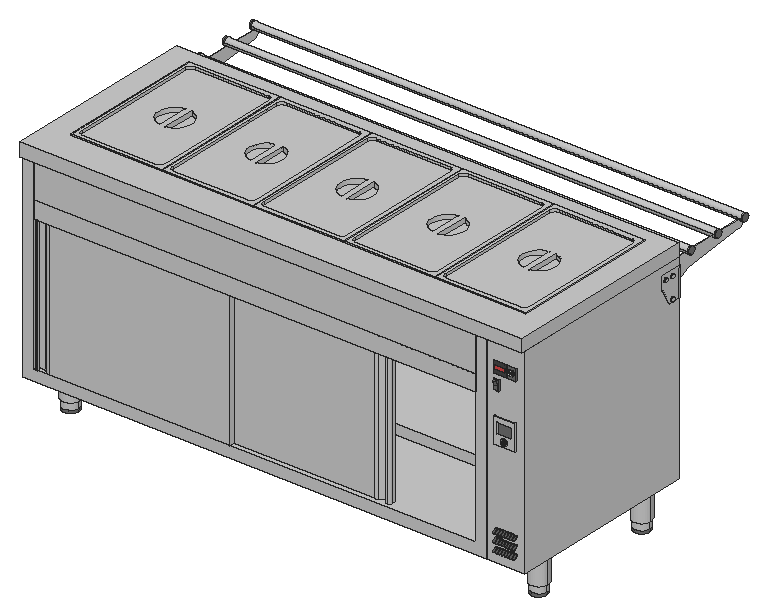
Revit family "QF_INOMAK_MHV718_250605091903", category Specialty Equipment, Revit 2021 (continued)
Definition of nested family "QF_INOMAK_CUPBOARD_RAILS_6838"
  Lines and regions (mm)
    symbolic lines
      curve 18: line (33, 63.5, 756) -> (33, 0, 756)
      curve 19: line (1050, 303.5, 756) -> (1050, 208.5, 756)
      curve 20: line (1047, 303.5, 756) -> (1047, 208.5, 756)
      curve 21: line (1050, 183.5, 756) -> (1050, 88.5, 756)
      curve 22: line (1047, 183.5, 756) -> (1047, 88.5, 756)
      curve 23: line (1050, 63.5, 756) -> (1050, 0, 756)
      curve 24: line (1047, 63.5, 756) -> (1047, 0, 756)
      curve 25: line (1060, 88.5, 756) -> (1060, 63.5, 756)
      curve 26: line (1060, 208.5, 756) -> (1060, 183.5, 756)
      curve 27: line (1060, 328.5, 756) -> (1060, 303.5, 756)
      curve 28: line (20, 328.5, 756) -> (20, 303.5, 756)
      curve 29: line (20, 208.5, 756) -> (20, 183.5, 756)
      curve 30: line (20, 88.5, 756) -> (20, 63.5, 756)
  Dimensions and locks
    "Length": plane 3 "Left" to plane 4 "Right"
    plane 1 "Back" to plane 5 "Front" = 328.5 mm
    plane 6 "Top" to plane 2 = 756 mm
    aligned and locked: level to plane 2
  Automatic sketch dimensions
    plane 3 "Left" to Sweep 1 sketch curve = 20 mm
    plane 4 "Right" to Sweep 1 sketch curve = 20 mm
    Sweep 1 sketch curve to plane 1 "Back" = 76 mm
    Sweep 1 sketch curve to profile plane = 0 mm
    level to Sweep 1 sketch curve = 693 mm
    Extrusion 2 sketch curve to plane 1 "Back" = 76 mm
    Extrusion 2 sketch curve to plane 6 "Top" = 63 mm
    Extrusion 3 sketch curve to plane 1 "Back" = 76 mm
    Extrusion 3 sketch curve to plane 6 "Top" = 63 mm
    plane 3 "Left" to Sweep 4 sketch curve = 20 mm
    plane 4 "Right" to Sweep 4 sketch curve = 20 mm
    Sweep 4 sketch curve to plane 1 "Back" = 196 mm
    Sweep 4 sketch curve to profile plane = 0 mm
    level to Sweep 4 sketch curve = 693 mm
    Extrusion 5 sketch curve to plane 6 "Top" = 63 mm
    Extrusion 5 sketch curve to plane 1 "Back" = 196 mm
    Extrusion 6 sketch curve to plane 6 "Top" = 63 mm
    Extrusion 6 sketch curve to plane 1 "Back" = 196 mm
    plane 3 "Left" to Sweep 7 sketch curve = 20 mm
    plane 4 "Right" to Sweep 7 sketch curve = 20 mm
    Sweep 7 sketch curve to plane 1 "Back" = 316 mm
    Sweep 7 sketch curve to profile plane = 0 mm
    level to Sweep 7 sketch curve = 693 mm
    Extrusion 8 sketch curve to plane 6 "Top" = 63 mm
    Extrusion 8 sketch curve to plane 1 "Back" = 316 mm
    Extrusion 9 sketch curve to plane 6 "Top" = 63 mm
    Extrusion 9 sketch curve to plane 1 "Back" = 316 mm
    Extrusion 10 sketch curve to plane 1 "Back" = 6 mm
    Extrusion 10 sketch curve to Extrusion 10 sketch curve = 59.644 mm
    Extrusion 10 sketch curve to Extrusion 10 sketch curve = 10.356 mm  (x5)
    Extrusion 10 sketch curve to Extrusion 10 sketch curve = 15.594 mm
    Extrusion 10 sketch curve to plane 1 "Back" = 116.97 mm
    Extrusion 10 sketch curve to Extrusion 10 sketch curve = 83.694 mm
    Extrusion 10 sketch curve to Extrusion 10 sketch curve = 98.144 mm
    Extrusion 10 sketch curve to Extrusion 10 sketch curve = 1.144 mm
    Extrusion 10 sketch curve to plane 6 "Top" = 98.295 mm
    Extrusion 10 sketch curve to Extrusion 10 sketch curve = 1.607 mm
    Extrusion 10 sketch curve to Extrusion 10 sketch curve = 15 mm
    Extrusion 10 sketch curve to plane 6 "Top" = 120.292 mm
    Extrusion 10 sketch curve to Extrusion 10 sketch curve = 53.708 mm
    Extrusion 10 sketch curve to Extrusion 10 sketch curve = 8.381 mm
    Extrusion 10 sketch curve to plane 6 "Top" = 70 mm
    Extrusion 10 sketch curve to Extrusion 10 sketch curve = 7 mm  (x2)
    Extrusion 11 sketch curve to Extrusion 11 sketch curve = 0 mm  (x4)
    Extrusion 11 sketch curve to plane 3 "Left" = 0 mm
    plane 1 "Back" to Extrusion 11 sketch curve = 0 mm
    plane 1 "Back" to Extrusion 11 sketch curve = 3 mm
    Extrusion 11 sketch curve to Extrusion 11 sketch curve = 3 mm  (x2)
    Extrusion 11 sketch curve to Extrusion 11 sketch curve = 24 mm
    plane 1 "Back" to Extrusion 12 sketch curve = 81.2 mm
    Extrusion 12 sketch curve to Extrusion 12 sketch curve = 1.34 mm
    Extrusion 12 sketch curve to Extrusion 12 sketch curve = 10 mm
    Extrusion 12 sketch curve to Extrusion 12 sketch curve = 8.66 mm  (x2)
    plane 1 "Back" to Extrusion 12 sketch curve = 49.087 mm
    plane 1 "Back" to Extrusion 12 sketch curve = 3 mm
    Extrusion 12 sketch curve to plane 6 "Top" = 174 mm
    Extrusion 12 sketch curve to Extrusion 12 sketch curve = 5 mm
    Extrusion 12 sketch curve to Extrusion 12 sketch curve = 53.301 mm
    Extrusion 12 sketch curve to Extrusion 12 sketch curve = 30.699 mm
    plane 1 "Back" to Extrusion 13 sketch curve = 36.2 mm
    Extrusion 13 sketch curve to plane 6 "Top" = 88 mm
    plane 1 "Back" to Extrusion 14 sketch curve = 41.396 mm
    Extrusion 14 sketch curve to Extrusion 14 sketch curve = 5.196 mm  (x3)
    Extrusion 14 sketch curve to plane 6 "Top" = 94 mm
    Extrusion 14 sketch curve to Extrusion 14 sketch curve = 3 mm  (x3)
    Extrusion 14 sketch curve to Extrusion 14 sketch curve = 6 mm  (x2)
    plane 1 "Back" to Extrusion 15 sketch curve = 66.2 mm
    Extrusion 15 sketch curve to plane 6 "Top" = 88 mm
    plane 1 "Back" to Extrusion 16 sketch curve = 71.396 mm
    Extrusion 16 sketch curve to Extrusion 16 sketch curve = 5.196 mm  (x3)
    Extrusion 16 sketch curve to plane 6 "Top" = 94 mm
    Extrusion 16 sketch curve to Extrusion 16 sketch curve = 3 mm  (x3)
    Extrusion 16 sketch curve to Extrusion 16 sketch curve = 6 mm  (x2)
    plane 1 "Back" to Extrusion 17 sketch curve = 36.2 mm
    Extrusion 17 sketch curve to plane 6 "Top" = 162 mm
    plane 1 "Back" to Extrusion 18 sketch curve = 41.396 mm
    Extrusion 18 sketch curve to Extrusion 18 sketch curve = 5.196 mm  (x3)
    Extrusion 18 sketch curve to plane 6 "Top" = 168 mm
    Extrusion 18 sketch curve to Extrusion 18 sketch curve = 3 mm  (x3)
    Extrusion 18 sketch curve to Extrusion 18 sketch curve = 6 mm  (x2)
    Extrusion 20 sketch curve to Extrusion 20 sketch curve = 0 mm  (x4)
    Extrusion 20 sketch curve to plane 4 "Right" = 0 mm
    plane 1 "Back" to Extrusion 20 sketch curve = 0 mm
    Extrusion 20 sketch curve to plane 1 "Back" = 3 mm
    Extrusion 20 sketch curve to Extrusion 20 sketch curve = 3 mm  (x2)
    Extrusion 20 sketch curve to Extrusion 20 sketch curve = 24 mm
    Extrusion 19 sketch curve to plane 6 "Top" = 83.381 mm
    Extrusion 19 sketch curve to plane 1 "Back" = 319.5 mm
    Extrusion 19 sketch curve to Extrusion 19 sketch curve = 3.5 mm
    Extrusion 19 sketch curve to plane 6 "Top" = 98.295 mm
    Extrusion 19 sketch curve to Extrusion 19 sketch curve = 13.393 mm
    Extrusion 19 sketch curve to Extrusion 19 sketch curve = 10.356 mm  (x5)
    Extrusion 19 sketch curve to Extrusion 19 sketch curve = 98.144 mm
    Extrusion 19 sketch curve to plane 1 "Back" = 116.97 mm
    Extrusion 19 sketch curve to Extrusion 19 sketch curve = 83.694 mm
    Extrusion 19 sketch curve to Extrusion 19 sketch curve = 15.594 mm
    Extrusion 19 sketch curve to plane 1 "Back" = 6 mm
    Extrusion 19 sketch curve to plane 6 "Top" = 120.292 mm
    Extrusion 19 sketch curve to Extrusion 19 sketch curve = 53.708 mm
    Extrusion 19 sketch curve to Extrusion 19 sketch curve = 8.381 mm
    Extrusion 19 sketch curve to plane 6 "Top" = 70 mm
    Extrusion 19 sketch curve to Extrusion 19 sketch curve = 7 mm  (x2)
    plane 1 "Back" to Extrusion 22 sketch curve = 36.2 mm
    Extrusion 22 sketch curve to plane 6 "Top" = 88 mm
    plane 1 "Back" to Extrusion 23 sketch curve = 31.004 mm
    Extrusion 23 sketch curve to Extrusion 23 sketch curve = 5.196 mm  (x3)
    Extrusion 23 sketch curve to plane 6 "Top" = 94 mm
    Extrusion 23 sketch curve to Extrusion 23 sketch curve = 3 mm  (x3)
    Extrusion 23 sketch curve to Extrusion 23 sketch curve = 6 mm  (x2)
    plane 1 "Back" to Extrusion 24 sketch curve = 66.2 mm
    Extrusion 24 sketch curve to plane 6 "Top" = 88 mm
    plane 1 "Back" to Extrusion 25 sketch curve = 61.004 mm
    Extrusion 25 sketch curve to Extrusion 25 sketch curve = 5.196 mm  (x3)
    Extrusion 25 sketch curve to plane 6 "Top" = 94 mm
    Extrusion 25 sketch curve to Extrusion 25 sketch curve = 3 mm  (x3)
    Extrusion 25 sketch curve to Extrusion 25 sketch curve = 6 mm  (x2)
    plane 1 "Back" to Extrusion 26 sketch curve = 36.2 mm
    Extrusion 26 sketch curve to plane 6 "Top" = 162 mm
    plane 1 "Back" to Extrusion 27 sketch curve = 31.004 mm
    Extrusion 27 sketch curve to Extrusion 27 sketch curve = 5.196 mm  (x3)
    Extrusion 27 sketch curve to plane 6 "Top" = 168 mm
    Extrusion 27 sketch curve to Extrusion 27 sketch curve = 3 mm  (x3)
    Extrusion 27 sketch curve to Extrusion 27 sketch curve = 6 mm  (x2)
    plane 1 "Back" to Extrusion 21 sketch curve = 3 mm
    Extrusion 21 sketch curve to Extrusion 21 sketch curve = 37.426 mm
    Extrusion 21 sketch curve to Extrusion 21 sketch curve = 8.66 mm  (x2)
    Extrusion 21 sketch curve to Extrusion 21 sketch curve = 30.774 mm
    Extrusion 21 sketch curve to Extrusion 21 sketch curve = 0 mm
    Extrusion 21 sketch curve to Extrusion 21 sketch curve = 1.34 mm
    Extrusion 21 sketch curve to plane 6 "Top" = 174 mm
    Extrusion 21 sketch curve to Extrusion 21 sketch curve = 5 mm
    Extrusion 21 sketch curve to Extrusion 21 sketch curve = 53.301 mm
    Extrusion 21 sketch curve to Extrusion 21 sketch curve = 30.699 mm
    plane 1 "Back" to curve 23 = 0 mm
    plane 1 "Back" to curve 17 = 0 mm
    plane 1 "Back" to curve 18 = 0 mm
    plane 1 "Back" to curve 24 = 0 mm
    plane 4 "Right" to curve 3 = 15 mm
    curve 3 to plane 1 "Back" = 63.5 mm
    curve 3 to curve 4 = 25 mm
    plane 3 "Left" to curve 6 = 15 mm
    curve 1 to curve 6 = 95 mm
    curve 6 to curve 6 = 25 mm
    plane 4 "Right" to curve 12 = 15 mm
    curve 5 to curve 12 = 95 mm
    curve 11 to curve 12 = 25 mm
    plane 4 "Right" to curve 8 = 15 mm
    plane 3 "Left" to curve 11 = 15 mm
    plane 3 "Left" to curve 3 = 15 mm
    curve 1 to curve 25 = 5 mm
    curve 9 to curve 27 = 5 mm
    curve 5 to curve 26 = 5 mm
    curve 26 to curve 21 = 10 mm
    plane 4 "Right" to curve 23 = 30 mm
    curve 26 to curve 19 = 10 mm
    curve 19 to curve 20 = 3 mm
    curve 21 to curve 22 = 3 mm
    curve 23 to curve 24 = 3 mm
    curve 16 to curve 1 = 18 mm
    curve 14 to curve 10 = 18 mm
    curve 18 to curve 2 = 18 mm
    curve 18 to curve 17 = 3 mm
    curve 14 to curve 13 = 3 mm
    curve 16 to curve 15 = 3 mm
    curve 28 to curve 10 = 5 mm
    curve 29 to curve 5 = 5 mm
    curve 30 to curve 1 = 5 mm
    radius of Sweep 1 sketch curve = 12.5 mm
    radius of Extrusion 2 sketch curve = 12.5 mm
    radius of Extrusion 3 sketch curve = 12.5 mm
    radius of Sweep 4 sketch curve = 12.5 mm
    radius of Extrusion 5 sketch curve = 12.5 mm
    radius of Extrusion 6 sketch curve = 12.5 mm
    radius of Sweep 7 sketch curve = 12.5 mm
    radius of Extrusion 8 sketch curve = 12.5 mm
    radius of Extrusion 9 sketch curve = 12.5 mm
    radius of Extrusion 13 sketch curve = 7 mm
    radius of Extrusion 15 sketch curve = 7 mm
    radius of Extrusion 17 sketch curve = 7 mm
    radius of Extrusion 22 sketch curve = 7 mm
    radius of Extrusion 24 sketch curve = 7 mm
    radius of Extrusion 26 sketch curve = 7 mm
Definition of nested family "CONN_POINT_COLDWATER_2D___Generic_Annotation"
  Parameters (values of type "CONN_POINT_COLDWATER_2D___Generic_Annotation")
    Onboard connection annotation symbol visibility [instance] = yes
  Reference planes
    plane 1: y = 0
    plane 2: x = 0
  Lines and regions (mm)
    detail lines, visible <- "Onboard connection annotation symbol visibility"
      curve 1: circle (0, 0, 0) r 0.5 normal (0, 0, 1)
      curve 2: line (-1, 0, 0) -> (1, 0, 0)
      curve 3: line (0, 1, 0) -> (0, -1, 0)
      curve 4: line (3.241, 1, 0) -> (3.717, -1, 0)
      curve 5: line (3.717, -1, 0) -> (4.193, 1, 0)
      curve 6: line (4.193, 1, 0) -> (4.669, -1, 0)
      curve 7: line (4.669, -1, 0) -> (5.145, 1, 0)
      curve 8: arc (2.67, 0.524, 0) -> (2.004, 1, 0) -> (1.337, 0.524, 0) r 0.704
      curve 9: arc (1.337, -0.524, 0) -> (2.004, -1, 0) -> (2.67, -0.524, 0) r 0.704
      curve 10: arc (1.337, 0.524, 0) -> (1.25, 0, 0) -> (1.337, -0.524, 0) r 1.616
Definition of nested family "CONN_POINT_DRAIN_2D___Generic_Annotation"
  Parameters (values of type "CONN_POINT_DRAIN_2D___Generic_Annotation")
    Onboard connection annotation symbol visibility [instance] = yes
  Reference planes
    plane 1: y = 0
    plane 2: x = 0
  Lines and regions (mm)
    detail lines, visible <- "Onboard connection annotation symbol visibility"
      curve 1: circle (0, 0, 0) r 0.5 normal (0, 0, 1)
      curve 2: line (-1, 0, 0) -> (1, 0, 0)
      curve 3: line (0, 1, 0) -> (0, -1, 0)
      curve 4: line (1.776, 1, 0) -> (1.25, 1, 0)
      curve 5: line (1.25, 1, 0) -> (1.25, -1, 0)
      curve 6: line (1.25, -1, 0) -> (1.776, -1, 0)
      curve 7: arc (2.206, -0.862, 0) -> (2.459, -0.589, 0) -> (2.583, -0.238, 0) r 0.918
      curve 8: arc (2.583, 0.238, 0) -> (2.459, 0.589, 0) -> (2.206, 0.862, 0) r 0.918
      curve 9: arc (2.583, -0.238, 0) -> (2.599, 0, 0) -> (2.583, 0.238, 0) r 1.77
      curve 10: arc (2.206, 0.862, 0) -> (2.002, 0.965, 0) -> (1.776, 1, 0) r 0.741
      curve 11: arc (1.776, -1, 0) -> (2.002, -0.965, 0) -> (2.206, -0.862, 0) r 0.741
Definition of nested family "CONN_POINT_ELE_2D___Generic_Annotation"
  Parameters (values of type "CONN_POINT_ELE_2D___Generic_Annotation")
    Onboard connection annotation symbol visibility [instance] = yes
  Reference planes
    plane 1: y = 0
    plane 2: x = 0
  Lines and regions (mm)
    detail lines, visible <- "Onboard connection annotation symbol visibility"
      curve 1: circle (0, 0, 0) r 0.5 normal (0, 0, 1)
      curve 2: line (-1, 0, 0) -> (1, 0, 0)
      curve 3: line (0, 1, 0) -> (0, -1, 0)
      curve 4: line (2.5, 1, 0) -> (1.25, 1, 0)
      curve 5: line (1.25, 1, 0) -> (1.25, -1, 0)
      curve 6: line (1.25, -1, 0) -> (2.5, -1, 0)
      curve 7: line (1.25, 0, 0) -> (2, 0, 0)
